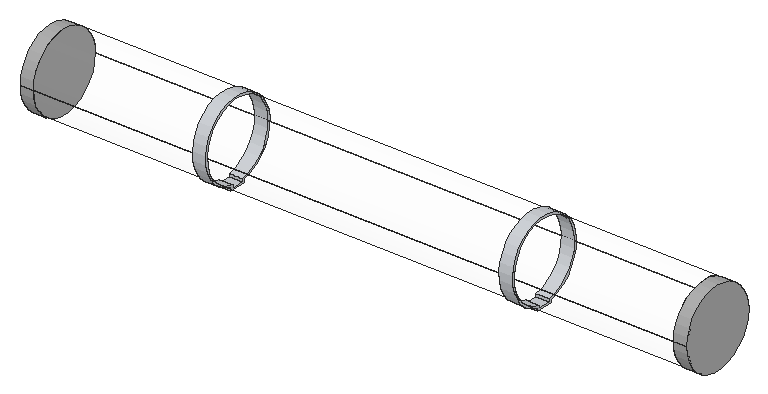
Revit family "SNL", category Lighting Fixtures, host Face, Revit 2013
Parameters (values of type "SNL-4")
  zz Length 1 = 48"
  Weight = 0.01 kip
  Wattage = 26.2 W
  Warranty = "Five year warranty "  # constant formula
  built-in parameter 1150110 = 1 (stored number, unit not read)
  Voltage = 120 V
  Wattage Comments = "100W"
  URL = "http://www.hubbellindustrial.com/"
  built-in parameter 1114217 = 1 (stored number, unit not read)
  Tilt Angle = -90.00°
  built-in parameter 1150109 = 1 (stored number, unit not read)
  built-in parameter 1150134 = 12
  built-in parameter 1150113 = 1 (stored number, unit not read)
  Product Page URL = "http://www.hubbellindustrial.com/products/snl_1"
  Product Documentation Link = "http://cdn.hubbellindustrial.com/content/products/specs/specs_files/hil_0419_snl_s_17.pdf"
  Power Factor = 0.9
  Photometric Web Link = "http://cdn.hubbellindustrial.com/content/products/specs/specs_files/hil_0419_snl_s_17.pdf"
  Photometric Web File = "generic.ies"
  Nominal Watts = 100 W
  Model = "SNL"  # constant formula
  Manufacturer Phone = "864-678-1000"  # constant formula
  Manufacturer Fax = "866-898-0131"  # constant formula
  Manufacturer = "Hubbell Industrial Lighting"  # constant formula
  built-in parameter 1150105 = 253.04 (stored number, unit not read)
  Lumens = 3180.68 lm
  built-in parameter 1150115 = 1 (stored number, unit not read)
  Load Classification = Lighting
  built-in parameter 1150137 = (empty or 0)
  built-in parameter 1150139 = (empty or 0)
  built-in parameter 1150112 = 1 (stored number, unit not read)
  built-in parameter 1150114 = 1 (stored number, unit not read)
  Lamp = "LEDs"  # constant formula
  built-in parameter 1150132 = (empty or 0)
  built-in parameter 1150102 = (empty or 0)
  built-in parameter 1150107 = 4000 (stored number, unit not read)
  built-in parameter 1150138 = (empty or 0)
  built-in parameter 1150106 = 2.5304 (stored number, unit not read)
  Glass = Hubbell - White Glass
  Emit from Line Length = zz Length 1  # 48"
  built-in parameter 1150104 = 11.278 (stored number, unit not read)
  Dimming Lamp Color Temperature Shift = <None>
  Description = "LED Sanitube Food Service Strip"  # constant formula
  Default Elevation = 48"
  Color Filter = 16777215
  Certifications = "CSA listed for U.S. & Canada. Tested to UL 1598 & UL 8750 standards"  # constant formula
  built-in parameter 1114218 = 1 (stored number, unit not read)
  Housing Material = Steel - Hubbell
  built-in parameter 1150133 = 10 (stored number, unit not read)
  Assembly Code = "D5020200"
  Apparent Load = Nominal Watts / Power Factor  # 111.111 VA
Types (3): name | zz Length 1 | Weight | Emit from Line Length | Assembly Code
  (no name) | 48" | 0.01 kip | 48" | "D5020200"
  SNL-4 | 48" | 0.01 kip | 48" | "D5020200"
  SNL-8 | 96" | 0.02 kip | 96" | "D5020"
Reference planes (in)
  plane 1 "Center (Front/Back)": y = 0.03999
  plane 2: z = 0
  plane 3 "Center (Left/Right)": x = 1.66944
  plane 4: x = -23.33056
  plane 5: x = 26.66944
  plane 6: z = 0.282
  plane 7: x = -22.33056
  plane 8: x = 25.66944
  plane 9: z = 6.032
  plane 10: z = 3.157
  plane 11: z = 6.282
  plane 12: y = 0.64155
  plane 13: y = 0.53999
  plane 14: y = -0.56157
  plane 15: y = -0.46001
  plane 16: z = 0.10156
  plane 17: x = -10.33056
  plane 18: x = -9.33056
  plane 19: x = 13.66944
  plane 20: x = 12.66944
  plane 21: y = 0.64155
  plane 22: y = 0.53999
  plane 23: y = -0.56157
  plane 24: y = -0.46001
  plane 25: z = 0.10156
Forms (in)
  Extrusion 1, solid, material "Hubbell - White Glass" <- "Glass", detail levels medium+fine
    sketch origin (1.66944, 0, 0) x (0, 1, 0) y (0, 0, 1)
      loop
        circle (0.03999, 3.157) r 2.875
    from -24 to 24
  Extrusion 2, solid, material "Steel - Hubbell" <- "Housing Material", detail levels medium+fine
    sketch origin (1.66944, 0, 0) x (0, 1, 0) y (0, 0, 1)
      loop
        circle (0.03999, 3.157) r 2.875
    from 24 to 25
  Extrusion 3, solid, material "Steel - Hubbell" <- "Housing Material", detail levels medium+fine
    sketch origin (1.66944, 0, 0) x (0, 1, 0) y (0, 0, -1)
      loop
        circle (0.03999, -3.157) r 2.875
    from 24 to 25
  Extrusion 4, solid, detail levels medium+fine
    sketch origin (1.66944, 0, 0) x (0, 1, 0) y (0, 0, 1)
      loop
        arc (0.53999, 0.32581) -> (0.03999, 6.032) -> (-0.46001, 0.32581) r 2.875
        line (-0.46001, 0.32581) -> (-0.46001, 0.10156) -> (0.53999, 0.10156) -> (0.53999, 0.32581)
      loop
        arc (0.64155, 0.24186) -> (0.03999, 6.13356) -> (-0.56157, 0.24186) r 2.97656
        line (-0.56157, 0.24186) -> (-0.56157, 0) -> (0.64155, 0) -> (0.64155, 0.24186)
    from -12 to -11
  Extrusion 5, solid, detail levels medium+fine
    sketch origin (1.66944, 0, 0) x (0, 1, 0) y (0, 0, -1)
      loop
        line (0.53999, -0.32581) -> (0.53999, -0.10156) -> (-0.46001, -0.10156) -> (-0.46001, -0.32581)
        arc (-0.46001, -0.32581) -> (0.03999, -6.032) -> (0.53999, -0.32581) r 2.875
      loop
        line (0.64155, -0.24186) -> (0.64155, 0) -> (-0.56157, 0) -> (-0.56157, -0.24186)
        arc (-0.56157, -0.24186) -> (0.03999, -6.13356) -> (0.64155, -0.24186) r 2.97656
    from -12 to -11
  Extrusion 6, solid, detail levels coarse
    sketch origin (1.66944, 0, 0) x (0, 1, 0) y (0, 0, 1)
      loop
        circle (0.03999, 3.157) r 3.157
    from -25 to 25
Dimensions and locks (in)
  locked: plane 4 to plane 7 at 1
  locked: plane 8 to plane 5 at 1
  plane 9 to plane 2 = 6.032"
  locked: plane 9 to plane 6 at 5.75
  equal spacing: plane 9, plane 10, plane 6
  locked: plane 11 to plane 9 at 0.25
  equal spacing: plane 12, plane 1 "Center (Front/Back)", plane 14, locked at 0.60156 each
  equal spacing: plane 13, plane 1 "Center (Front/Back)", plane 15, locked at 0.5 each
  locked: plane 16 to plane 2 at 0.10156
  "zz Length 1": plane 7 to plane 8
  equal spacing: plane 7, plane 3 "Center (Left/Right)", plane 8
  plane 4 to plane 5 = 50"
  locked: plane 7 to plane 17 at 12
  locked: plane 17 to plane 18 at 1
  locked: plane 19 to plane 20 at 1
  locked: plane 19 to plane 8 at 12
  plane 21 to plane 23 = 1 13/64"
  plane 22 to plane 24 = 1"
  radius of Extrusion 1 sketch curve = 2 7/8"
  radius of Extrusion 2 sketch curve = 2 7/8"
  radius of Extrusion 3 sketch curve = 2 7/8"
  aligned and locked: plane 2 to host face
  aligned and locked: level to host face
  aligned and locked: imposter light to plane 1 "Center (Front/Back)"
  aligned and locked: plane 1 "Center (Front/Back)" to Extrusion 1 sketch curve
  aligned and locked: plane 10 to Extrusion 1 sketch curve
  aligned and locked: Extrusion 1 to plane 7
  aligned and locked: Extrusion 1 to plane 8
  aligned and locked: plane 1 "Center (Front/Back)" to Extrusion 2 sketch curve
  aligned and locked: plane 10 to Extrusion 2 sketch curve
  aligned and locked: plane 8 to Extrusion 2
  aligned and locked: Extrusion 2 to plane 5
  aligned and locked: plane 7 to Extrusion 3
  aligned and locked: Extrusion 3 to plane 4
  aligned and locked: Extrusion 4 sketch curve to plane 2
  aligned and locked: plane 1 "Center (Front/Back)" to Extrusion 4 sketch curve  (x2)
  aligned and locked: plane 10 to Extrusion 4 sketch curve  (x2)
  aligned and locked: plane 12 to Extrusion 4 sketch curve
  aligned and locked: plane 13 to Extrusion 4 sketch curve
  aligned and locked: plane 14 to Extrusion 4 sketch curve
  aligned and locked: plane 15 to Extrusion 4 sketch curve
  aligned and locked: plane 16 to Extrusion 4 sketch curve
  aligned and locked: Extrusion 4 to plane 17
  aligned and locked: plane 18 to Extrusion 4
  aligned and locked: plane 21 to Extrusion 5 sketch curve
  aligned and locked: plane 22 to Extrusion 5 sketch curve
  aligned and locked: plane 23 to Extrusion 5 sketch curve
  aligned and locked: plane 24 to Extrusion 5 sketch curve
  aligned and locked: Extrusion 5 sketch curve to plane 25
  aligned and locked: Extrusion 5 to plane 19
  aligned and locked: plane 20 to Extrusion 5
  aligned and locked: plane 10 to imposter light
  aligned and locked: plane 3 "Center (Left/Right)" to imposter light
  aligned and locked: plane 1 "Center (Front/Back)" to Extrusion 6 sketch curve
  aligned and locked: plane 10 to Extrusion 6 sketch curve
  aligned and locked: Extrusion 6 to plane 4
  aligned and locked: Extrusion 6 to plane 5
Automatic sketch dimensions
  host sketch curve to host sketch curve = 96"  (x2)
  Extrusion 3 sketch curve to plane 1 "Center (Front/Back)" = 0"
  Extrusion 3 sketch curve to plane 10 = 0"
  Extrusion 4 sketch curve to plane 6 = 0.04014"
  Extrusion 4 sketch curve to plane 13 = 0"
  Extrusion 4 sketch curve to plane 12 = 0"
  plane 6 to Extrusion 4 sketch curve = 0.04381"
  Extrusion 5 sketch curve to Extrusion 5 sketch curve = 0"  (x2)
  Extrusion 5 sketch curve to level = 0"
  Extrusion 5 sketch curve to plane 1 "Center (Front/Back)" = 0"
  Extrusion 5 sketch curve to plane 22 = 0"
  Extrusion 5 sketch curve to plane 21 = 0"
  Extrusion 5 sketch curve to plane 10 = 0"
  Extrusion 5 sketch curve to plane 6 = 0.04014"
  plane 6 to Extrusion 5 sketch curve = 0.04381"
  radius of Extrusion 6 sketch curve = 3.157"
Connectors (in)
  electrical at (-23.33056, 0.03999, 3.157), driven by "Load Classification", driven by "Voltage", driven by "Apparent Load", driven by "Power Factor"
    settings: on Extrusion 3, index 1, voltage 120 V, apparent load 111.111 VA, apparent load phase1 0 VA, apparent load phase2 0 VA, apparent load phase3 0 VA, power factor 0.9, load classification "Lighting", number of poles 1, system type 30, power factor state 1, is connector primary yes, connector utility no, sub classification motor no, connector description "Lighting Connector"
